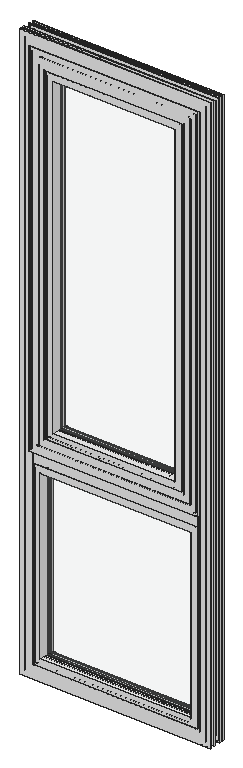
Revit family "Serene_T&T_Window_D_Standard", category Windows, host Wall, Revit 2014 (continued)
Definition of nested family "Serene_Fixed_Panel_D_Std"
  Definition of nested family "Serene_Bead_D_Glazing_Square"
    Reference planes
      plane 1 "Center (Front/Back)": y = 0
      plane 2: z = 0
      plane 3 "Center (Left/Right)": x = 0
    Forms (mm)
      Sweep 1, solid, material <- "Profile Material"
        path origin (0, 0, 0) x (1, 0, 0) y (0, 0, 1)
          loop
            line (0, 0) -> (900, 0) -> (900, 1320) -> (0, 1320) -> (0, 0)
        profile origin (450, 0, 0) x (0, 0, 1) y (0, -1, 0)
          loop
            line (22, -16.5) -> (22, 0) -> (0, 0) -> (0, -1.2) -> (1.2, -1.2) -> (1.2, -4.2) -> (-1.876, -4.2) -> (-1.876, -3.293) -> (-3.909, -4.467)
            arc (-3.909, -4.467) -> (-4.142, -5.029) -> (-3.659, -5.4) r 0.5
            line (-3.659, -5.4) -> (1.4, -5.4)
            arc (1.4, -5.4) -> (2.107, -5.107) -> (2.4, -4.4) r 1
            line (2.4, -4.4) -> (2.4, -1.2) -> (20.8, -1.2) -> (20.8, -12.4) -> (14.6, -12.4) -> (0, -16.7) -> (-3.659, -16.7)
            arc (-3.659, -16.7) -> (-4.142, -17.071) -> (-3.909, -17.633) r 0.5
            line (-3.909, -17.633) -> (-1.876, -18.807) -> (-1.876, -17.9) -> (0.173, -17.9) -> (14.6, -13.651) -> (14.6, -16.5) -> (17, -16.5) -> (17, -15.3) -> (15.8, -15.3) -> (15.8, -13.6) -> (20.8, -13.6) -> (20.8, -15.3) -> (19.6, -15.3) -> (19.6, -16.5) -> (22, -16.5)
    Lines and regions (mm)
      model lines, style "GenericModel"
        curve 1: line (22, 0, 1298) -> (0, 0, 1298)
        curve 2: line (878, 0, 1298) -> (900, 0, 1298)
        curve 3: line (878, 0, 22) -> (900, 0, 22)
        curve 4: line (22, 0, 22) -> (0, 0, 22)
    Dimensions and locks
      "Width Bead": Sweep 1 sketch curve to Sweep 1 sketch curve
      "Height Bead": Sweep 1 sketch curve to Sweep 1 sketch curve
      aligned and locked: level to plane 2
    Automatic sketch dimensions
      profile plane to Sweep 1 sketch curve = 3.909 mm  (x2)
      Sweep 1 sketch curve to Sweep 1 sketch curve = 0.25 mm  (x2)
      Sweep 1 sketch curve to Sweep 1 sketch curve = 2.033 mm
      Sweep 1 sketch curve to Sweep 1 sketch curve = 1.783 mm
      Sweep 1 sketch curve to Sweep 1 sketch curve = 1.876 mm  (x2)
      Sweep 1 sketch curve to Sweep 1 sketch curve = 0.173 mm
      Sweep 1 sketch curve to Sweep 1 sketch curve = 1.2 mm  (x9)
      Sweep 1 sketch curve to Sweep 1 sketch curve = 0.2 mm
      Sweep 1 sketch curve to Sweep 1 sketch curve = 12.2 mm
      Sweep 1 sketch curve to Sweep 1 sketch curve = 0 mm  (x4)
      Sweep 1 sketch curve to Sweep 1 sketch curve = 2.6 mm
      Sweep 1 sketch curve to plane 1 "Center (Front/Back)" = 18.807 mm
      Sweep 1 sketch curve to Sweep 1 sketch curve = 0.907 mm  (x2)
      Sweep 1 sketch curve to Sweep 1 sketch curve = 0.267 mm
      Sweep 1 sketch curve to Sweep 1 sketch curve = 0.433 mm
      Sweep 1 sketch curve to plane 1 "Center (Front/Back)" = 16.5 mm
      Sweep 1 sketch curve to Sweep 1 sketch curve = 1.649 mm
      Sweep 1 sketch curve to Sweep 1 sketch curve = 1.7 mm
      Sweep 1 sketch curve to Sweep 1 sketch curve = 1.251 mm
      Sweep 1 sketch curve to Sweep 1 sketch curve = 11.3 mm
      Sweep 1 sketch curve to Sweep 1 sketch curve = 0.5 mm
      Sweep 1 sketch curve to Sweep 1 sketch curve = 0.7 mm
      Sweep 1 sketch curve to Sweep 1 sketch curve = 3 mm
      curve 1 to Sweep 1 = 0 mm  (x3)
      curve 4 to Sweep 1 = 0 mm  (x2)
      Sweep 1 to curve 4 = 0 mm
      curve 3 to Sweep 1 = 0 mm  (x2)
      curve 2 to Sweep 1 = 0 mm  (x2)
      Sweep 1 to curve 3 = 0 mm
      Sweep 1 to curve 2 = 0 mm
      Sweep 1 sketch curve to plane 3 "Center (Left/Right)" = 0 mm
      Sweep 1 sketch curve to level = 0 mm
  Definition of nested family "Serene_Single_Glazing_Fixed_D_Std"
    Parameters (values of type "Single_Glazing_Fixed")
      Glazing Width [instance] = 900 mm
      Glazing Height [instance] = 1500 mm
      Glazing Thickness SG [instance] = 4 mm
      Glazing Material [instance] = Glass
    Reference planes
      plane 1 "Center (Front/Back)": y = 0
      plane 2: z = 0
      plane 3 "Center (Left/Right)": x = 0
    Forms (mm)
      Extrusion 1, solid, material "Glass" <- "Glazing Material"
        sketch origin (0, 0, 0) x (1, 0, 0) y (0, 0, 1)
          loop
            line (0, 0) -> (0, 1500) -> (-900, 1500) -> (-900, 0) -> (0, 0)
        from 0 to 4 <- "Glazing Thickness SG"
    Dimensions and locks
      "Glazing Width": plane 3 "Center (Left/Right)" to Extrusion 1 sketch curve
      "Glazing Height": Extrusion 1 sketch curve to level
      aligned and locked: level to plane 2
      aligned and locked: Extrusion 1 sketch curve to plane 3 "Center (Left/Right)"
      aligned and locked: level to Extrusion 1 sketch curve
  Definition of nested family "Serene_Double_Glazing_Fixed_D_Std"
    Parameters (values of type "Double_Glazing_Fixed")
      Glazing Width [instance] = 600 mm
      Glazing Height [instance] = 600 mm
      Glazing Thickness DG [instance] = 4 mm
      Glazing Material [instance] = Glass
      Double Glazing Gasket Thickness [instance] = 12 mm
      Double Glazing Gasket Material [instance] = none
    Reference planes
      plane 1 "Center (Front/Back)": y = 0
      plane 2: z = 0
      plane 3 "Center (Left/Right)": x = 0
    Forms (mm)
      Extrusion 1, solid, material "Glass" <- "Glazing Material"
        sketch origin (0, 0, 0) x (1, 0, 0) y (0, 0, 1)
          loop
            line (0, 0) -> (0, 600) -> (-600, 600) -> (-600, 0) -> (0, 0)
        from 0 to 4 <- "Glazing Thickness DG"
      Extrusion 2, solid, material <- "Double Glazing Gasket Material"
        sketch origin (0, -4, 0) x (1, 0, 0) y (0, 0, 1)
          loop
            line (-600, 600) -> (-600, 0) -> (0, 0) -> (0, 600) -> (-600, 600)
          loop
            line (-592, 8) -> (-8, 8) -> (-8, 592) -> (-592, 592) -> (-592, 8)
        from 0 to 12 <- "Double Glazing Gasket Thickness"
      Extrusion 3, solid, material "Glass" <- "Glazing Material"
        sketch origin (0, -16, 0) x (1, 0, 0) y (0, 0, 1)
          loop
            line (-600, 600) -> (-600, 0) -> (0, 0) -> (0, 600) -> (-600, 600)
        from 0 to 4 <- "Glazing Thickness DG"
    Dimensions and locks
      "Glazing Width": plane 3 "Center (Left/Right)" to Extrusion 1 sketch curve
      "Glazing Height": Extrusion 1 sketch curve to level
      aligned and locked: level to plane 2
      aligned and locked: Extrusion 1 sketch curve to plane 3 "Center (Left/Right)"
      aligned and locked: level to Extrusion 1 sketch curve
      aligned and locked: Extrusion 2 sketch curve to Extrusion 1  (x4)
      aligned and locked: Extrusion 3 sketch curve to Extrusion 2  (x4)
    Automatic sketch dimensions
      Extrusion 2 sketch curve to Extrusion 1 = 8 mm  (x4)
Definition of nested family "Serene_Single_Glazing_Tilt_&_Turn_D_Std"
  Parameters (values of type "Single_Glazing_Tilt_&_Turn")
    Tilt [instance] = yes
    Right Hinged [instance] = yes
    Left Hinged [instance] = yes
    Half Width [instance] = Glazing Width / 2  # 450 mm
    Half Height [instance] = Glazing Height / 2  # 750 mm
    Glazing Width [instance] = 900 mm
    Glazing Height [instance] = 1500 mm
    Glazing Thickness SG [instance] = 4 mm
    Glazing Material [instance] = Glass
    Glazing Bead Gap = 21.8 mm  # constant formula
  Reference planes
    plane 1 "Center (Front/Back)": y = 0
    plane 2: z = 0
    plane 3 "Center (Left/Right)": x = 0
  Forms (mm)
    Extrusion 1, solid, material "Glass" <- "Glazing Material"
      sketch origin (0, 0, 0) x (1, 0, 0) y (0, 0, 1)
        loop
          line (0, 0) -> (0, 1500) -> (-900, 1500) -> (-900, 0) -> (0, 0)
      from 0 to 4 <- "Glazing Thickness SG"
  Lines and regions (mm)
    model lines, style "GenericModelHiddenLines", visible <- "Left Hinged"
      curve 1: line (-878.2, 0, 1478.2) -> (-21.8, 0, 750)
      curve 2: line (-21.8, 0, 750) -> (-878.2, 0, 21.8)
    model lines, style "GenericModelHiddenLines", visible <- "Right Hinged"
      curve 3: line (-21.8, 0, 1478.2) -> (-878.2, 0, 750)
      curve 4: line (-878.2, 0, 750) -> (-21.8, 0, 21.8)
    model lines, style "GenericModelHiddenLines", visible <- "Tilt"
      curve 5: line (-878.2, 0, 21.8) -> (-450, 0, 1478.2)
      curve 6: line (-450, 0, 1478.2) -> (-21.8, 0, 21.8)
  Dimensions and locks
    "Glazing Width": plane 3 "Center (Left/Right)" to Extrusion 1 sketch curve
    "Glazing Height": Extrusion 1 sketch curve to level
    "Glazing Bead Gap": curve 2 to Extrusion 1
    "Glazing Bead Gap": Extrusion 1 to curve 2  (x2)
    "Glazing Bead Gap": Extrusion 1 to curve 4  (x2)
    "Glazing Bead Gap": curve 4 to Extrusion 1
    "Glazing Bead Gap": Extrusion 1 to curve 3  (x2)
    "Glazing Bead Gap": Extrusion 1 to curve 1  (x2)
    "Half Height": curve 4 to Extrusion 1
    "Half Height": curve 2 to Extrusion 1
    "Glazing Bead Gap": Extrusion 1 to curve 6
    "Half Width": plane 3 "Center (Left/Right)" to curve 6
    aligned and locked: level to plane 2
    aligned and locked: Extrusion 1 sketch curve to plane 3 "Center (Left/Right)"
    aligned and locked: level to Extrusion 1 sketch curve
Definition of nested family "Serene_Single_Glazing_Fixed_D_Std"
  Parameters (values of type "Single_Glazing_Fixed")
    Glazing Width [instance] = 900 mm
    Glazing Height [instance] = 1500 mm
    Glazing Thickness SG [instance] = 4 mm
    Glazing Material [instance] = Glass
  Reference planes
    plane 1 "Center (Front/Back)": y = 0
    plane 2: z = 0
    plane 3 "Center (Left/Right)": x = 0
  Forms (mm)
    Extrusion 1, solid, material "Glass" <- "Glazing Material"
      sketch origin (0, 0, 0) x (1, 0, 0) y (0, 0, 1)
        loop
          line (0, 0) -> (0, 1500) -> (-900, 1500) -> (-900, 0) -> (0, 0)
      from 0 to 4 <- "Glazing Thickness SG"
  Dimensions and locks
    "Glazing Width": plane 3 "Center (Left/Right)" to Extrusion 1 sketch curve
    "Glazing Height": Extrusion 1 sketch curve to level
    aligned and locked: level to plane 2
    aligned and locked: Extrusion 1 sketch curve to plane 3 "Center (Left/Right)"
    aligned and locked: level to Extrusion 1 sketch curve
Types (6, lengths in mm): name | Windload Design | Overall Height | Intruderprufe U Value | Intruderprufe SHGC Value | Intruderprufe LowE U Value | Intruderprufe LowE SHGC Value | Height | Fixed Panel Height | Energy Advantage U Value | Energy Advantage SHGC Value | Custom Window Height | Custom Windload | Clearvue U Value | Clearvue SHGC Value | Clearvue Insulated U Value | Clearvue Insulated SHGC Value | Clearvue Insulated LowE U Value | Clearvue Insulated LowE SHGC Value | Area Glazing Fixed Panel
  52TT-0615S-1000Pa | 1000 | 1490 | 6.29 | 0.449 | 4.68 | 0.398 | 1490 | 260.4 | 5.57 | 0.436 | 1490 | 1000 | 6.4 | 0.484 | 4.63 | 0.431 | 4.24 | 0.394 | 0.1252 m²
  52TT-0615S-1500Pa | 1500 | 1490 | 6.29 | 0.449 | 4.68 | 0.398 | 1490 | 260.4 | 5.57 | 0.436 | 1490 | 1500 | 6.4 | 0.484 | 4.63 | 0.431 | 4.24 | 0.394 | 0.1252 m²
  52TT-0615S-2000Pa | 2000 | 1490 | 6.29 | 0.449 | 4.68 | 0.398 | 1490 | 260.4 | 5.57 | 0.436 | 1490 | 2000 | 6.4 | 0.484 | 4.63 | 0.431 | 4.24 | 0.394 | 0.1252 m²
  52TT-0618S-1000Pa | 1000 | 1490 | 6.22 | 0.477 | 4.62 | 0.423 | 1790 | 560.4 | 5.44 | 0.463 | 1790 | 1000 | 6.33 | 0.515 | 4.46 | 0.458 | 4.04 | 0.418 | 0.2752 m²
  52TT-0618S-1500Pa | 1500 | 1490 | 6.22 | 0.477 | 4.62 | 0.423 | 1790 | 560.4 | 5.44 | 0.463 | 1790 | 1500 | 6.33 | 0.515 | 4.46 | 0.458 | 4.04 | 0.418 | 0.2752 m²
  52TT-0618S-2000Pa | 2000 | 1790 | 6.22 | 0.477 | 4.62 | 0.423 | 1790 | 560.4 | 5.44 | 0.463 | 1790 | 2000 | 6.33 | 0.515 | 4.46 | 0.458 | 4.04 | 0.418 | 0.2752 m²
